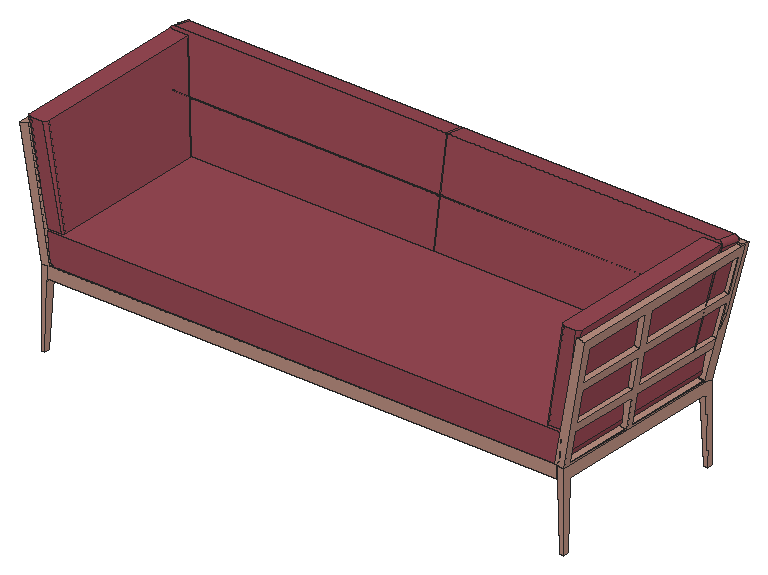
Revit family "Haworth_Janus_Slant_ThreeSeatSofa", category Furniture, Revit 2018
Family settings
  OmniClass Number = 23.40.20.00
  OmniClass Title = General Furniture and Specialties
  Work Plane-Based = No
  Always vertical = Yes
  Cut with Voids When Loaded = No
  Shared = No
  Room Calculation Point = No
Parameters (values of type "HCJC-SL-L3")
  With Seat Cushion = yes
  Width = "85.5 in."  # constant formula
  Warranty = "https://www.haworth.com/resources/product-info/warranties"
  URL - Product = "https://www.haworth.com/products/seating/outdoor/slant"
  URL = "http://www.haworth.com/our-brands/haworth-collection"
  Trim Finish [instance] = Haworth _ Paint _ Slant _ Mousse
  Size = "Verify Final Dim. w/ Haworth"  # constant formula
  Seat Bottom Finish [instance] = Haworth _ Fabric _ Tellure _ Tomato 3A-43
  Revision = "2"  # constant formula
  Model = "HCJC-SL-L3"
  Manufacturer = "Haworth"  # constant formula
  Frame = yes
  Depth = "31 in."  # constant formula
  Height = "30.25 in."  # constant formula
  Description = "Haworth - Janus - Slant - Three Seat Sofa"
  Cushion = yes
  Back Finish [instance] = Haworth _ Fabric _ Tellure _ Tomato 3A-43
  Author = "Haworth (Abd Rahman)"  # constant formula
  Assembly Code = "E2020200"
Reference planes (in)
  plane 1 "Center Front/Back": y = 0
  plane 2: z = 0
  plane 3 "Center Left/Right": x = 0
Nested families (in)
  nested 1: "Haworth_Janus_Slant_ Seat-Cushion_PART" at (-19.48621, 2.19832, -1.75), visible <- "With Seat Cushion", Cushion Finish <- "Seat Bottom Finish", type "HCJC-SL-CSSA-S - Cushion"
    with Cushion Finish Haworth _ Fabric _ Tellure _ Tomato 3A-43
  nested 2: "Haworth_Janus_Slant_Cushion_Back_PART" at (0.21571, -9.02475, -2.33203), Cushion Finish <- "Back Finish", visible <- "Cushion", type "HCJC-SL-CBSA-S - BackSide - Cushion"
    with Cushion Finish Haworth _ Fabric _ Tellure _ Tomato 3A-43
  nested 3: "Haworth_Janus_Slant_ThreeSeatSofa_Frame_PART" at (0, 0.85599, 0), Frame Finish <- "Trim Finish", visible <- "Frame", type "HCJC-SL-L3 - FRAME"
    with Frame Finish Haworth _ Paint _ Slant _ Mousse
Definition of nested family "Haworth_Janus_Slant_ Seat-Cushion_PART"
  Parameters (values of type "HCJC-SL-CSL3-S - Cushion")
    Warranty = "https://www.haworth.com/resources/product-info/warranties"
    URL - Product = "https://www.haworth.com/products/tables/outdoor/slant"
    Model = "HCJC-SL-CSL3-S"  # constant formula
    Description = "Haworth_Slant_Seat-Seating_Cushion"
    URL = "http://www.haworth.com/our-brands/haworth-collection"
    Size = "Verify Final Dim. w/ Haworth"  # constant formula
    Revision Number = "1"  # constant formula
    Manufacturer = "Haworth"  # constant formula
    Cushion Width = 6' - 5 69/256"  # constant formula
    Cushion Finish [instance] = none
    Author = "Haworth (Abd Rahman)"  # constant formula
    Assembly Code = "E2020200"
    Actual Depth = 2' - 3 201/256"  # constant formula
  Reference planes (in)
    plane 1 "Center F/B": y = -4.48242
    plane 2: z = 0
    plane 3 "Center L/R": x = 19.75
    plane 4 "Top": z = 27.5
    plane 5 "Seat Top": z = 18.25
    plane 6: x = 58.38477
    plane 7: x = -18.88477
    plane 8: y = 9.41016
    plane 9: y = -18.375
  Forms (in)
    Extrusion 1, solid, material <- "Cushion Finish"
      sketch origin (30.39258, -13.125, 16.78125) x (0, 0, -1) y (-1, 0, 0)
        loop
          line (-1.45984, 49.48038) -> (-1.45984, -28.19522) -> (2.05745, -27.94927)
          arc (2.05745, -27.94927) -> (2.76455, -27.65637) -> (3.05745, -26.94927) r 1
          line (3.05745, -26.94927) -> (3.05745, 48.17725)
          arc (3.05745, 48.17725) -> (2.76455, 48.88436) -> (2.05745, 49.17725) r 1
          line (2.05745, 49.17725) -> (-1.45984, 49.48038)
      from -5.25 to 22.53516
  Lines and regions (in)
    Masking region 1
      outline origin (0, 0, 0) x (1, 0, 0) y (0, 1, 0)
        loop
          line (-18.78467, 9.41016) -> (-18.78467, -18.375) -> (58.34184, -18.375) -> (58.34184, 9.41016) -> (-18.78467, 9.41016)
  Dimensions and locks (in)
    locked: plane 4 "Top" to level at 27.5
    plane 5 "Seat Top" to level = 1' - 6 1/4"
    plane 5 "Seat Top" to plane 2 = 1' - 6 1/4"
    "Cushion Width": plane 7 to plane 6
    equal spacing: plane 7, plane 3 "Center L/R", plane 6
    equal spacing: plane 8, plane 1 "Center F/B", plane 9
    "Actual Depth": plane 8 to plane 9
    aligned and locked: plane 8 to Masking region 1
    aligned and locked: Masking region 1 to plane 9
    aligned and locked: plane 8 to Extrusion 1
    aligned and locked: Extrusion 1 to plane 9
  Automatic sketch dimensions
    Extrusion 1 sketch curve to plane 5 "Seat Top" = 0' - 0.00891"
    Extrusion 1 sketch curve to plane 7 = 0' - 0.10009"
    Extrusion 1 sketch curve to plane 5 "Seat Top" = 0' - 3.5262"  (x2)
    Extrusion 1 sketch curve to plane 6 = 0' - 1.04292"
    Extrusion 1 sketch curve to Extrusion 1 sketch curve = 0' - 1"
    plane 6 to Extrusion 1 sketch curve = 0' - 0.20303"
    plane 7 to Extrusion 1 sketch curve = 0' - 0.20303"
    Masking region 1 sketch curve to plane 9 = 0' - 0"
    Masking region 1 sketch curve to plane 8 = 0' - 0"
    Masking region 1 sketch curve to plane 7 = 0' - 0.10009"
    Masking region 1 sketch curve to plane 6 = 0' - 0.04292"
Definition of nested family "Haworth_Janus_Slant_Cushion_Back_PART"
  Parameters (values of type "HCJC-SL-CBL3-S - BackSide - Cushion")
    Warranty = "https://www.haworth.com/resources/product-info/warranties"
    URL - Product = "https://www.haworth.com/products/seating/outdoor/slant"
    URL = "http://www.haworth.com/our-brands/haworth-collection"
    Size = "Verify Final Dim. w/ Haworth"  # constant formula
    Revision = "1"  # constant formula
    Model = "HCJC-SL-CBL3-S"  # constant formula
    Manufacturer = "Haworth"  # constant formula
    Description = "Haworth_Slant_BackSide_Cushion"
    Cushion Width = 6' - 11 5/8"  # constant formula
    Cushion Finish [instance] = none
    Cushion Depth = 2' - 6"  # constant formula
    Author = "Haworth (Abd Rahman)"  # constant formula
    Assembly Code = "E2020200"
  Reference planes (in)
    plane 1 "Center Front/Back": y = 7.75391
    plane 2: z = 0
    plane 3 "Center Left/Right": x = -0.21571
    plane 4 "Back Cushion 1": through (0, 20.72092, 20.18999) normal (0, 0.9864, -0.1644)
    plane 5 "Back Cushion 2": through (0, 18.95094, 27.31171) normal (0, 0.9864, -0.1644)
    plane 6: z = 33.37562
    plane 7: z = 18.43812
    plane 8: y = 22.8965
    plane 9: y = -7.1035
    plane 10: x = -42.02821
    plane 11: x = 41.59679
  Forms (in)
    Extrusion 1, solid, material <- "Cushion Finish"
      sketch origin (0, 16.80978, -3.27685) x (0, -0.164399, -0.986394) y (-1, 0, 0)
        loop
          line (-37.06217, 0.01784) -> (-37.06217, -41.00496)
          arc (-37.06217, -41.00496) -> (-36.82419, -41.51845) -> (-36.27856, -41.66878) r 0.67297
          line (-36.27856, -41.66878) -> (-22.18729, -39.32023)
          arc (-22.18729, -39.32023) -> (-21.9959, -39.21152) -> (-21.92013, -39.00486) r 0.31972
          line (-21.92013, -39.00486) -> (-21.92013, 0.21571) -> (-36.81217, 0.21571)
          arc (-36.81217, 0.21571) -> (-36.96629, 0.15357) -> (-37.06217, 0.01784) r 0.29429
      from 0 to -2.91671
    Blend 2, solid, material <- "Cushion Finish"
      base sketch origin (-19.17128, 0, 0) x (-1, 0, 0) y (0, -1, 0)
        loop
          line (17.89236, -17.58372) -> (20.3023, -17.58372)
          arc (20.3023, -17.58372) -> (20.47908, -17.51049) -> (20.5523, -17.33372) r 0.25
          line (20.5523, -17.33372) -> (20.5523, 6.51973)
          arc (20.5523, 6.51973) -> (20.47908, 6.69651) -> (20.3023, 6.76973) r 0.25
          line (20.3023, 6.76973) -> (17.89236, 6.76973)
          arc (17.89236, 6.76973) -> (17.71559, 6.69651) -> (17.64236, 6.51973) r 0.25
          line (17.64236, 6.51973) -> (17.64236, -17.33372)
          arc (17.64236, -17.33372) -> (17.71559, -17.51049) -> (17.89236, -17.58372) r 0.25
      top sketch origin (-19.17128, 0, 0) x (-1, 0, 0) y (0, -1, 0)
        loop
          line (20.23215, -19.92284) -> (22.59482, -19.92284)
          arc (22.59482, -19.92284) -> (22.7716, -19.84962) -> (22.84482, -19.67284) r 0.25
          line (22.84482, -19.67284) -> (22.84482, 6.6035)
          arc (22.84482, 6.6035) -> (22.69838, 6.95706) -> (22.34482, 7.1035) r 0.5
          line (22.34482, 7.1035) -> (20.48215, 7.1035)
          arc (20.48215, 7.1035) -> (20.1286, 6.95706) -> (19.98215, 6.6035) r 0.5
          line (19.98215, 6.6035) -> (19.98215, -19.67284)
          arc (19.98215, -19.67284) -> (20.05538, -19.84962) -> (20.23215, -19.92284) r 0.25
      from 18.91335 to 33.37348
    Sweep 3, void
      path origin (0, 16.88122, -2.84821) x (0, -0.164399, -0.986394) y (-1, 0, 0)
        loop
          line (-27.99974, 0.14918) -> (-27.99974, -40.35082)
      profile origin (20.10082, 21.48435, 24.77057) x (0, -0.164399, -0.986394) y (0, 0.986394, -0.164399)
        loop
          arc (-0.07611, -0.102) -> (-0.05703, -0.03782) -> (-0.01191, 0.01166) r 0.14996
          line (-0.01191, 0.01166) -> (-0.14032, 0.01166)
          arc (-0.14032, 0.01166) -> (-0.0952, -0.03782) -> (-0.07611, -0.102) r 0.14996
    Sweep 4, void
      path origin (0.00781, 14.08796, -1.82635) x (0, -0.164399, -0.986394) y (1, 0, 0)
        loop
          line (-27.99974, -0.21571) -> (-27.99974, 40.35194)
      profile origin (20.07593, 18.6911, 25.79242) x (0, 0.164399, 0.986394) y (0, -0.986394, 0.164399)
        loop
          arc (0.07611, -0.09686) -> (0.0952, -0.03268) -> (0.14032, 0.0168) r 0.14996
          line (0.14032, 0.0168) -> (0.01191, 0.0168)
          arc (0.01191, 0.0168) -> (0.05703, -0.03268) -> (0.07611, -0.09686) r 0.14996
    Blend 5, solid, material <- "Cushion Finish"
      base sketch origin (18.73986, 0, 0) x (1, 0, 0) y (0, 1, 0)
        loop
          arc (17.884, 17.58372) -> (17.70722, 17.51049) -> (17.634, 17.33372) r 0.25
          line (17.634, 17.33372) -> (17.634, -6.51973)
          arc (17.634, -6.51973) -> (17.70722, -6.69651) -> (17.884, -6.76973) r 0.25
          line (17.884, -6.76973) -> (20.29394, -6.76973)
          arc (20.29394, -6.76973) -> (20.47071, -6.69651) -> (20.54394, -6.51973) r 0.25
          line (20.54394, -6.51973) -> (20.54394, 17.33372)
          arc (20.54394, 17.33372) -> (20.47071, 17.51049) -> (20.29394, 17.58372) r 0.25
          line (20.29394, 17.58372) -> (17.884, 17.58372)
      top sketch origin (18.73986, 0, 0) x (1, 0, 0) y (0, 1, 0)
        loop
          arc (20.22379, 19.92284) -> (20.04701, 19.84962) -> (19.97379, 19.67284) r 0.25
          line (19.97379, 19.67284) -> (19.97379, -6.6035)
          arc (19.97379, -6.6035) -> (20.12023, -6.95706) -> (20.47379, -7.1035) r 0.5
          line (20.47379, -7.1035) -> (22.33646, -7.1035)
          arc (22.33646, -7.1035) -> (22.69001, -6.95706) -> (22.83646, -6.6035) r 0.5
          line (22.83646, -6.6035) -> (22.83646, 19.67284)
          arc (22.83646, 19.67284) -> (22.76323, 19.84962) -> (22.58646, 19.92284) r 0.25
          line (22.58646, 19.92284) -> (20.22379, 19.92284)
      from 18.91335 to 33.37348
    Extrusion 6, solid, material <- "Cushion Finish"
      sketch origin (-0.43143, 16.80978, -3.27685) x (0, -0.164399, -0.986394) y (-1, 0, 0)
        loop
          arc (-37.06217, -0.01784) -> (-36.96629, -0.15357) -> (-36.81217, -0.21571) r 0.29429
          line (-36.81217, -0.21571) -> (-21.92013, -0.21571) -> (-21.92013, 39.00486)
          arc (-21.92013, 39.00486) -> (-21.9959, 39.21152) -> (-22.18729, 39.32023) r 0.31972
          line (-22.18729, 39.32023) -> (-36.27856, 41.66878)
          arc (-36.27856, 41.66878) -> (-36.82419, 41.51845) -> (-37.06217, 41.00496) r 0.67297
          line (-37.06217, 41.00496) -> (-37.06217, -0.01784)
      from 0 to -2.91671
    Sweep 7, void
      path origin (-40.5625, 16.88122, -2.84821) x (0, -0.164399, -0.986394) y (-1, 0, 0)
        loop
          line (-27.99974, 0.14918) -> (-27.99974, -40.35082)
      profile origin (-20.46168, 21.48435, 24.77057) x (0, -0.164399, -0.986394) y (0, 0.986394, -0.164399)
        loop
          arc (-0.07611, -0.102) -> (-0.05703, -0.03782) -> (-0.01191, 0.01166) r 0.14996
          line (-0.01191, 0.01166) -> (-0.14032, 0.01166)
          arc (-0.14032, 0.01166) -> (-0.0952, -0.03782) -> (-0.07611, -0.102) r 0.14996
    Sweep 8, void
      path origin (-40.57031, 14.08796, -1.82635) x (0, -0.164399, -0.986394) y (1, 0, 0)
        loop
          line (-27.99974, -0.21571) -> (-27.99974, 40.35194)
      profile origin (-20.5022, 18.6911, 25.79242) x (0, 0.164399, 0.986394) y (0, -0.986394, 0.164399)
        loop
          arc (0.07611, -0.09686) -> (0.0952, -0.03268) -> (0.14032, 0.0168) r 0.14996
          line (0.14032, 0.0168) -> (0.01191, 0.0168)
          arc (0.01191, 0.0168) -> (0.05703, -0.03268) -> (0.07611, -0.09686) r 0.14996
  Cuts and joins
    Sweep 3, Sweep 4, Sweep 7, Sweep 8 cuts Extrusion 1
    Sweep 4, Sweep 7, Sweep 8 cuts Extrusion 6
    Sweep 8 cuts Blend 5
  Lines and regions (in)
    Masking region 1
      outline origin (0, 0, 0) x (1, 0, 0) y (0, 1, 0)
        loop
          line (-42.02821, 22.8965) -> (-42.02821, 20.0303) -> (41.59679, 20.0303) -> (41.59679, 22.8965) -> (-42.02821, 22.8965)
    Masking region 2
      outline origin (0, 0, 0) x (1, 0, 0) y (0, 1, 0)
        loop
          arc (41.08116, -7.1035) -> (41.43471, -6.95706) -> (41.58116, -6.6035) r 0.5
          line (41.58116, -6.6035) -> (41.58116, 19.67284)
          arc (41.58116, 19.67284) -> (41.50794, 19.84962) -> (41.33116, 19.92284) r 0.25
          line (41.33116, 19.92284) -> (38.96849, 19.92284)
          arc (38.96849, 19.92284) -> (38.79171, 19.84962) -> (38.71849, 19.67284) r 0.25
          line (38.71849, 19.67284) -> (38.71849, -6.6035)
          arc (38.71849, -6.6035) -> (38.86494, -6.95706) -> (39.21849, -7.1035) r 0.5
          line (39.21849, -7.1035) -> (41.08116, -7.1035)
        loop
          line (-41.51723, -7.1035) -> (-39.65456, -7.1035)
          arc (-39.65456, -7.1035) -> (-39.30101, -6.95706) -> (-39.15456, -6.6035) r 0.5
          line (-39.15456, -6.6035) -> (-39.15456, 19.67284)
          arc (-39.15456, 19.67284) -> (-39.22778, 19.84962) -> (-39.40456, 19.92284) r 0.25
          line (-39.40456, 19.92284) -> (-41.76723, 19.92284)
          arc (-41.76723, 19.92284) -> (-41.94401, 19.84962) -> (-42.01723, 19.67284) r 0.25
          line (-42.01723, 19.67284) -> (-42.01723, -6.6035)
          arc (-42.01723, -6.6035) -> (-41.87078, -6.95706) -> (-41.51723, -7.1035) r 0.5
    Masking region 3
      outline origin (0, 0, 0) x (1, 0, 0) y (0, 1, 0)
        loop
          arc (-39.15344, -6.59783) -> (-39.27903, -6.92907) -> (-39.59174, -7.09508) r 0.50129
          line (-39.59174, -7.09508) -> (-37.08043, -6.77415)
          arc (-37.08043, -6.77415) -> (-36.89179, -6.69602) -> (-36.81365, -6.50738) r 0.26678
          line (-36.81365, -6.50738) -> (-36.81365, 17.33372)
          arc (-36.81365, 17.33372) -> (-36.83088, 17.41496) -> (-36.87961, 17.4822) r 0.2001
          line (-36.87961, 17.4822) -> (-39.15344, 19.75603) -> (-39.15344, -6.59783)
        loop
          line (38.71364, -6.59783) -> (38.71364, 19.75603) -> (36.43982, 17.4822)
          arc (36.43982, 17.4822) -> (36.39108, 17.41496) -> (36.37385, 17.33372) r 0.2001
          line (36.37385, 17.33372) -> (36.37385, -6.50738)
          arc (36.37385, -6.50738) -> (36.45199, -6.69602) -> (36.64063, -6.77415) r 0.26678
          line (36.64063, -6.77415) -> (39.15195, -7.09508)
          arc (39.15195, -7.09508) -> (38.83923, -6.92907) -> (38.71364, -6.59783) r 0.50129
    Masking region 4
      outline origin (0, 0, 0) x (1, 0, 0) y (0, 1, 0)
        loop
          line (-42.02821, 20.0303) -> (-42.02821, 19.78684) -> (-42.00068, 19.7593)
          arc (-42.00068, 19.7593) -> (-41.90909, 19.87792) -> (-41.76611, 19.92284) r 0.25
          line (-41.76611, 19.92284) -> (-39.40344, 19.92284)
          arc (-39.40344, 19.92284) -> (-39.26995, 19.88423) -> (-39.17771, 19.7803) r 0.25
          line (-39.17771, 19.7803) -> (-36.87961, 17.4822) -> (36.41945, 17.4822) -> (38.78687, 19.84962)
          arc (38.78687, 19.84962) -> (38.86797, 19.90381) -> (38.96364, 19.92284) r 0.25
          line (38.96364, 19.92284) -> (41.32631, 19.92284)
          arc (41.32631, 19.92284) -> (41.47874, 19.87453) -> (41.59679, 19.76666) r 0.3718
          line (41.59679, 19.76666) -> (41.59679, 20.0303) -> (-42.02821, 20.0303)
  Dimensions and locks (in)
    plane 6 to plane 7 = 1' - 2 15/16"
    "Cushion Depth": plane 8 to plane 9
    "Cushion Width": plane 10 to plane 11
    equal spacing: plane 10, plane 3 "Center Left/Right", plane 11
    aligned and locked: Extrusion 1 to plane 5 "Back Cushion 2"
    aligned and locked: Masking region 1 sketch curve to plane 8
    aligned and locked: Masking region 1 sketch curve to plane 10
    aligned and locked: plane 11 to Masking region 1 sketch curve
  Automatic sketch dimensions
    Extrusion 1 sketch curve to plane 3 "Center Left/Right" = 0' - 0"
    plane 3 "Center Left/Right" to Extrusion 1 sketch curve = 0' - 0.19787"
    Extrusion 1 sketch curve to Extrusion 1 sketch curve = 0' - 0 1/4"
    plane 3 "Center Left/Right" to Extrusion 1 sketch curve = 0' - 0.2929"
    Extrusion 1 sketch curve to Extrusion 1 sketch curve = 0' - 0.67297"
    Extrusion 1 sketch curve to plane 11 = 0' - 0.07199"
    Extrusion 1 sketch curve to Extrusion 1 sketch curve = 0' - 0.11064"
    plane 11 to Extrusion 1 sketch curve = 0' - 2.59193"
    Extrusion 1 sketch curve to Extrusion 1 sketch curve = 1' - 2.03871"
    plane 11 to Extrusion 1 sketch curve = 0' - 2.27655"
    Extrusion 1 sketch curve to Extrusion 1 sketch curve = 0' - 0.05256"
    Blend 2 sketch curve to plane 9 = 0' - 0.58377"
    plane 10 to Blend 2 sketch curve = 0' - 5.21457"
    Blend 2 sketch curve to plane 9 = 0' - 0.33377"
    Blend 2 sketch curve to Blend 2 sketch curve = 0' - 0 1/4"  (x3)
    Blend 2 sketch curve to Blend 2 sketch curve = 0' - 2.40994"  (x2)
    plane 8 to Blend 2 sketch curve = 0' - 5.56278"
    Blend 2 sketch curve to plane 9 = 0' - 0"
    Blend 2 sketch curve to plane 9 = 0' - 0 1/2"
    plane 10 to Blend 2 sketch curve = 0' - 2.87478"
    plane 10 to Blend 2 sketch curve = 0' - 0.51211"
    plane 10 to Blend 2 sketch curve = 0' - 0.26211"
    plane 10 to Blend 2 sketch curve = 0' - 0.01211"
    plane 8 to Blend 2 sketch curve = 0' - 3.22365"
    plane 11 to Sweep 3 sketch curve = 0' - 1.24596"
    plane 3 "Center Left/Right" to Sweep 3 sketch curve = 0' - 0.06654"
    profile plane to Sweep 3 sketch curve = 0' - 0.22577"
    plane 4 "Back Cushion 1" to Sweep 3 sketch curve = 0' - 0.01166"
    profile plane to Sweep 3 sketch curve = 0' - 0.14032"
    profile plane to Sweep 3 sketch curve = 0' - 0.01191"
    Sweep 3 sketch curve to profile plane = 0' - 0.07354"
    Sweep 3 sketch curve to plane 4 "Back Cushion 1" = 0' - 0.11158"  (x2)
    plane 3 "Center Left/Right" to Sweep 4 sketch curve = 0' - 0 1/128"
    plane 11 to Sweep 4 sketch curve = 0' - 1.23703"
    profile plane to Sweep 4 sketch curve = 0' - 0.07354"
    Sweep 4 sketch curve to profile plane = 0' - 0.01191"
    profile plane to Sweep 4 sketch curve = 0' - 0.0168"
    Sweep 4 sketch curve to Sweep 4 sketch curve = 0' - 0.12842"
    Sweep 4 sketch curve to Sweep 4 sketch curve = 0' - 0.08545"
    Sweep 4 sketch curve to profile plane = 0' - 0.10644"  (x2)
    Masking region 1 sketch curve to Masking region 1 sketch curve = 0' - 2.8662"
    Masking region 2 sketch curve to plane 9 = 0' - 0"  (x2)
    Masking region 2 sketch curve to plane 10 = 0' - 0.01098"
    Masking region 2 sketch curve to Masking region 2 sketch curve = 0' - 0 1/4"  (x3)
    Masking region 2 sketch curve to plane 10 = 0' - 0.51098"
    plane 9 to Masking region 2 sketch curve = 0' - 0 1/2"
    Masking region 2 sketch curve to Masking region 2 sketch curve = 0' - 1.86267"
    plane 11 to Masking region 2 sketch curve = 0' - 2.87829"
    Masking region 2 sketch curve to Masking region 2 sketch curve = 0' - 0 1/2"
    plane 11 to Masking region 2 sketch curve = 0' - 0 33/64"
    plane 11 to Masking region 2 sketch curve = 0' - 0 17/64"
    plane 11 to Masking region 2 sketch curve = 0' - 0 1/64"
    Masking region 2 sketch curve to plane 8 = 0' - 3.22365"  (x2)
    plane 9 to Masking region 3 sketch curve = 0' - 0.50567"
    Masking region 3 sketch curve to plane 10 = 0' - 2.37293"
    plane 9 to Masking region 3 sketch curve = 0' - 0.00842"  (x2)
    Masking region 3 sketch curve to Masking region 3 sketch curve = 0' - 0.06354"  (x2)
    Masking region 3 sketch curve to plane 10 = 0' - 2.87478"
    Masking region 3 sketch curve to Masking region 3 sketch curve = 0' - 2.07301"
    Masking region 3 sketch curve to Masking region 3 sketch curve = 0' - 2.13969"
    Masking region 3 sketch curve to Masking region 3 sketch curve = 0' - 0.13414"
    Masking region 3 sketch curve to Masking region 3 sketch curve = 0' - 0.26678"  (x2)
    plane 9 to Masking region 3 sketch curve = 0' - 0.59613"
    plane 11 to Masking region 3 sketch curve = 0' - 5.22293"
    Masking region 3 sketch curve to Masking region 3 sketch curve = 0' - 0.06596"
    Masking region 3 sketch curve to Masking region 3 sketch curve = 0' - 0.2001"
    plane 11 to Masking region 3 sketch curve = 0' - 2.88314"
    Masking region 3 sketch curve to Masking region 3 sketch curve = 0' - 0.4383"
    plane 9 to Masking region 3 sketch curve = 0' - 0.32935"
    Masking region 3 sketch curve to Masking region 3 sketch curve = 0' - 0.49724"
    Masking region 3 sketch curve to plane 8 = 0' - 5.56278"  (x2)
    Masking region 3 sketch curve to plane 8 = 0' - 3.14047"  (x2)
    Masking region 3 sketch curve to Masking region 3 sketch curve = 0' - 0"  (x2)
    Masking region 4 sketch curve to plane 10 = 0' - 0"
    Masking region 4 sketch curve to plane 11 = 0' - 0"
    Masking region 4 sketch curve to plane 10 = 0' - 0.02753"
    Masking region 4 sketch curve to plane 10 = 0' - 0.26211"
    Masking region 4 sketch curve to Masking region 4 sketch curve = 0' - 2.36267"
    Masking region 4 sketch curve to Masking region 4 sketch curve = 0' - 0.22573"
    Masking region 4 sketch curve to Masking region 4 sketch curve = 0' - 2.2981"
    plane 11 to Masking region 4 sketch curve = 0' - 5.17734"
    plane 11 to Masking region 4 sketch curve = 0' - 2.80992"
    Masking region 4 sketch curve to Masking region 4 sketch curve = 0' - 0.17678"
    plane 11 to Masking region 4 sketch curve = 0' - 0.30397"
    plane 11 to Masking region 4 sketch curve = 0' - 0.27047"
    Masking region 4 sketch curve to plane 8 = 0' - 5.4143"
    Masking region 4 sketch curve to plane 8 = 0' - 3.34395"
    Masking region 4 sketch curve to plane 8 = 0' - 3.22365"
    Masking region 4 sketch curve to Masking region 4 sketch curve = 0' - 0"
    Masking region 4 sketch curve to Masking region 4 sketch curve = 0' - 0.12029"
    Masking region 4 sketch curve to Masking region 4 sketch curve = 0' - 0.08646"
    Masking region 4 sketch curve to Masking region 4 sketch curve = 0' - 0.21411"
    Masking region 4 sketch curve to Masking region 4 sketch curve = 0' - 0.02753"
    Masking region 4 sketch curve to Masking region 4 sketch curve = 0' - 0.24346"
    plane 9 to Blend 5 sketch curve = 0' - 0.58377"
    plane 11 to Blend 5 sketch curve = 0' - 5.22293"
    plane 9 to Blend 5 sketch curve = 0' - 0.33377"
    Blend 5 sketch curve to Blend 5 sketch curve = 0' - 0 1/4"  (x3)
    Blend 5 sketch curve to Blend 5 sketch curve = 0' - 2.40994"  (x2)
    Blend 5 sketch curve to plane 8 = 0' - 5.56278"
    Blend 5 sketch curve to plane 9 = 0' - 0"
    plane 9 to Blend 5 sketch curve = 0' - 0 1/2"
    plane 11 to Blend 5 sketch curve = 0' - 2.88314"
    plane 11 to Blend 5 sketch curve = 0' - 0.52047"
    plane 11 to Blend 5 sketch curve = 0' - 0.27047"
    plane 11 to Blend 5 sketch curve = 0' - 0.02047"
    Blend 5 sketch curve to plane 8 = 0' - 3.22365"
    Extrusion 6 sketch curve to plane 3 "Center Left/Right" = 0' - 0"
    plane 3 "Center Left/Right" to Extrusion 6 sketch curve = 0' - 0.19787"
    Extrusion 6 sketch curve to Extrusion 6 sketch curve = 0' - 0 1/4"
    plane 3 "Center Left/Right" to Extrusion 6 sketch curve = 0' - 0.2929"
    Extrusion 6 sketch curve to Extrusion 6 sketch curve = 0' - 0.67297"
    Extrusion 6 sketch curve to plane 10 = 0' - 0.07199"
    Extrusion 6 sketch curve to Extrusion 6 sketch curve = 0' - 0.11064"
    plane 10 to Extrusion 6 sketch curve = 0' - 2.59193"
    Extrusion 6 sketch curve to Extrusion 6 sketch curve = 1' - 2.03871"
    plane 10 to Extrusion 6 sketch curve = 0' - 2.27655"
    Extrusion 6 sketch curve to Extrusion 6 sketch curve = 0' - 0.05256"
    plane 3 "Center Left/Right" to Sweep 7 sketch curve = 0' - 0.00404"
    Sweep 7 sketch curve to plane 10 = 0' - 1.31654"
    profile plane to Sweep 7 sketch curve = 0' - 0.22577"
    plane 4 "Back Cushion 1" to Sweep 7 sketch curve = 0' - 0.01166"
    profile plane to Sweep 7 sketch curve = 0' - 0.14032"
    profile plane to Sweep 7 sketch curve = 0' - 0.01191"
    Sweep 7 sketch curve to profile plane = 0' - 0.07354"
    Sweep 7 sketch curve to plane 4 "Back Cushion 1" = 0' - 0.11158"  (x2)
    Sweep 8 sketch curve to plane 3 "Center Left/Right" = 0' - 0.00265"
    Sweep 8 sketch curve to plane 10 = 0' - 1 31/128"
    profile plane to Sweep 8 sketch curve = 0' - 0.07354"
    Sweep 8 sketch curve to profile plane = 0' - 0.01191"
    profile plane to Sweep 8 sketch curve = 0' - 0.0168"
    Sweep 8 sketch curve to Sweep 8 sketch curve = 0' - 0.12842"
    Sweep 8 sketch curve to Sweep 8 sketch curve = 0' - 0.08545"
    Sweep 8 sketch curve to profile plane = 0' - 0.10644"  (x2)
Definition of nested family "Haworth_Janus_Slant_ThreeSeatSofa_Frame_PART"
  Parameters (values of type "HCJC-SL-L3 - FRAME")
    Warranty = "https://www.haworth.com/resources/product-info/warranties"
    URL - Product = "https://www.haworth.com/products/seating/outdoor/slant"
    URL = "http://www.haworth.com/our-brands/haworth-collection"
    Size = "Verify Final Dim. w/ Haworth"  # constant formula
    Revision = "2"  # constant formula
    Model = "HCJC-SL-L3"
    Manufacturer = "Haworth"  # constant formula
    Frame Finish [instance] = none
    Description = "Haworth Slant Chair - Three Seat Sofa - Frame"
    Author = "Haworth (Abd Rahman)"  # constant formula
    Assembly Code = "E2020200"
    Actual Width = 7' - 1 1/2"  # constant formula
    Actual Height = 2' - 6 1/4"  # constant formula
    Actual Depth = 2' - 7"  # constant formula
  Reference planes (in)
    plane 1 "Center Front/Back": y = -1.6405
    plane 2: z = 0
    plane 3 "Center Left/Right": x = 0
    plane 4 "Back Seat": through (0, 13.8017, 29.67358) normal (0, -0.9864, 0.1644)
    plane 5 "Front Seat": through (0, 12.7842, 31.06881) normal (0, -0.9864, 0.1644)
    plane 6 "Bottom Arm": z = 11.95581
    plane 7 "Right Arm 1": through (13.67834, -180, 27.84367) normal (-0.9848, 0, 0.1736)
    plane 8 "Bottom Seat": z = 10.06727
    plane 9 "Front Arm": y = -17.1405
    plane 10: through (10.17411, -180, 13.96966) normal (-0.9848, 0, 0.1736)
    plane 11: z = 30.25
    plane 12: x = 42.73017
    plane 13: x = -42.76983
    plane 14: y = 13.8595
  Forms (in)
    Extrusion 1, solid, material <- "Frame Finish"
      sketch origin (28.46878, 8.6172, -1.43232) x (0, 0.164405, 0.986393) y (-1, 0, 0)
        loop
          line (31.88827, -14.18002) -> (31.88827, 71.13578) -> (13.23205, 68.05061) -> (13.23205, -11.09485) -> (31.88827, -14.18002)
        loop
          line (30.59682, -12.3584) -> (30.59682, 2.17733) -> (25.68256, 2.17733) -> (25.68256, -11.6327)
          arc (25.68256, -11.6327) -> (25.74199, -11.79451) -> (25.89201, -11.87939) r 0.25
          line (25.89201, -11.87939) -> (30.30627, -12.60509)
          arc (30.30627, -12.60509) -> (30.50863, -12.54898) -> (30.59682, -12.3584) r 0.25
        loop
          line (24.61609, -11.41758) -> (24.61609, 2.17733) -> (19.668, 2.17733) -> (19.668, -10.85414) -> (24.32781, -11.62473)
          arc (24.32781, -11.62473) -> (24.52507, -11.59507) -> (24.61609, -11.41758) r 0.21856
        loop
          line (18.56747, 2.21733) -> (13.64818, 2.21733) -> (13.64818, -9.63833)
          arc (13.64818, -9.63833) -> (13.65515, -9.70168) -> (13.67574, -9.762) r 0.29119
          line (13.67574, -9.762) -> (18.56747, -10.57094) -> (18.56747, 2.21733)
        loop
          arc (30.59682, 69.33903) -> (30.50863, 69.5296) -> (30.30627, 69.58571) r 0.25
          line (30.30627, 69.58571) -> (25.89051, 68.85977)
          arc (25.89051, 68.85977) -> (25.74048, 68.77488) -> (25.68106, 68.61308) r 0.25
          line (25.68106, 68.61308) -> (25.68106, 54.80169) -> (30.59682, 54.80169) -> (30.59682, 69.33903)
        loop
          arc (24.54085, 68.33682) -> (24.43167, 68.52604) -> (24.2132, 68.52621) r 0.21856
          line (24.2132, 68.52621) -> (19.62593, 67.80746) -> (19.62593, 54.80169) -> (24.54085, 54.80169) -> (24.54085, 68.33682)
        loop
          line (18.56747, 54.76169) -> (18.56747, 67.56848) -> (14.18113, 66.80573)
          arc (14.18113, 66.80573) -> (13.80943, 66.71095) -> (13.64591, 66.36395) r 0.44993
          line (13.64591, 66.36395) -> (13.64591, 54.76169) -> (18.56747, 54.76169)
        loop
          line (30.5969, 3.35843) -> (30.59619, 15.08521) -> (25.68131, 15.08521) -> (25.68201, 3.35843) -> (30.5969, 3.35843)
        loop
          line (24.58297, 3.35843) -> (24.58226, 15.08521) -> (19.66738, 15.08521) -> (19.66808, 3.35843) -> (24.58297, 3.35843)
        loop
          line (18.56754, 3.35843) -> (18.56684, 15.08521) -> (13.64744, 15.08521) -> (13.64814, 3.35843) -> (18.56754, 3.35843)
        loop
          line (18.56629, 16.21016) -> (18.56558, 27.93694) -> (13.64674, 27.93694) -> (13.64744, 16.21016) -> (18.56629, 16.21016)
        loop
          line (24.58227, 16.21016) -> (24.58157, 27.93694) -> (19.66668, 27.93694) -> (19.66738, 16.21016) -> (24.58227, 16.21016)
        loop
          line (30.5969, 16.21016) -> (30.59619, 27.93694) -> (25.68131, 27.93694) -> (25.68201, 16.21016) -> (30.5969, 16.21016)
        loop
          line (30.59656, 41.90097) -> (30.59619, 53.6621) -> (25.68131, 53.6621) -> (25.68168, 41.90097) -> (30.59656, 41.90097)
        loop
          line (24.54131, 41.90097) -> (24.54094, 53.6621) -> (19.62605, 53.6621) -> (19.62642, 41.90097) -> (24.54131, 41.90097)
        loop
          line (18.52533, 41.90097) -> (18.52496, 53.6621) -> (13.64604, 53.6621) -> (13.64641, 41.90097) -> (18.52533, 41.90097)
        loop
          line (30.59656, 29.02597) -> (30.59619, 40.7871) -> (25.68131, 40.7871) -> (25.68168, 29.02597) -> (30.59656, 29.02597)
        loop
          line (24.54131, 29.02597) -> (24.54094, 40.7871) -> (19.62605, 40.7871) -> (19.62642, 29.02597) -> (24.54131, 29.02597)
        loop
          line (18.52533, 29.02597) -> (18.52496, 40.7871) -> (13.64604, 40.7871) -> (13.64641, 29.02597) -> (18.52533, 29.02597)
      from 0 to 1.23305
    Extrusion 2, solid, material <- "Frame Finish"
      sketch origin (0, 0, 10.06727) x (-1, 0, 0) y (0, -1, 0)
        loop
          line (38.49868, 17.1405) -> (-38.41214, 17.1405) -> (-38.41214, -10.88031) -> (38.49868, -10.88031) -> (38.49868, 17.1405)
        loop
          line (-37.35647, 15.9988) -> (-37.35647, -9.76014) -> (-1.18, -9.76014) -> (-1.18, 15.9988) -> (-37.35647, 15.9988)
        loop
          line (1.18, -9.76014) -> (37.39614, -9.76014) -> (37.39614, 15.9988) -> (1.18, 15.9988) -> (1.18, -9.76014)
      from 0 to 1.88854
    Extrusion 3, solid, material <- "Frame Finish"
      sketch origin (-16.29687, 0, 0) x (0, 1, 0) y (0, 0, -1)
        loop
          line (-17.1005, -11.95581) -> (10.87978, -11.95581) -> (10.88641, 0) -> (10.10756, 0) -> (9.66704, -9.78713)
          arc (9.66704, -9.78713) -> (9.55846, -9.98743) -> (9.34506, -10.06727) r 0.3251
          line (9.34506, -10.06727) -> (-15.66433, -10.06727)
          arc (-15.66433, -10.06727) -> (-15.83846, -9.97151) -> (-15.91257, -9.78713) r 0.29549
          line (-15.91257, -9.78713) -> (-16.3531, 0) -> (-17.1005, 0) -> (-17.1005, -11.95581)
      from 22.18198 to 23.25396
    Extrusion 4, solid, material <- "Frame Finish"
      sketch origin (-36.75434, 0, -3.20457) x (0.173648, 0, -0.984808) y (0, 1, 0)
        loop
          line (-33.71058, 13.10218) -> (-33.71058, -17.1405) -> (-15.22266, -17.1405) -> (-15.22266, 10.06254) -> (-33.71058, 13.10218)
        loop
          line (-21.21017, -15.9588) -> (-21.21017, -5.28895) -> (-26.07414, -5.28895) -> (-26.07414, -15.7088)
          arc (-26.07414, -15.7088) -> (-25.98227, -15.88717) -> (-25.79485, -15.9588) r 0.28101
          line (-25.79485, -15.9588) -> (-21.21017, -15.9588)
        loop
          line (-20.01936, -15.9588) -> (-15.62225, -15.9588)
          arc (-15.62225, -15.9588) -> (-15.44672, -15.88396) -> (-15.35591, -15.71613) r 0.28946
          line (-15.35591, -15.71613) -> (-15.35591, -5.28895) -> (-20.01936, -5.28895) -> (-20.01936, -15.9588)
        loop
          line (-15.35591, -4.23252) -> (-15.35591, 9.51747)
          arc (-15.35591, 9.51747) -> (-15.44672, 9.6853) -> (-15.62225, 9.76014) r 0.28946
          line (-15.62225, 9.76014) -> (-20.01936, 10.4897) -> (-20.01936, -4.23252) -> (-15.35591, -4.23252)
        loop
          line (-26.03238, -4.23252) -> (-21.21017, -4.23252) -> (-21.21017, 10.68549) -> (-25.75309, 11.44638)
          arc (-25.75309, 11.44638) -> (-25.94051, 11.37475) -> (-26.03238, 11.19638) r 0.28101
          line (-26.03238, 11.19638) -> (-26.03238, -4.23252)
        loop
          line (-27.22077, -16.04601) -> (-27.22077, -5.28895) -> (-32.31591, -5.28895) -> (-32.31591, -15.7088)
          arc (-32.31591, -15.7088) -> (-32.17514, -15.95062) -> (-31.9121, -16.04601) r 0.41038
          line (-31.9121, -16.04601) -> (-27.22077, -16.04601)
        loop
          line (-32.31591, -4.23252) -> (-27.22077, -4.23252) -> (-27.22077, 11.6922) -> (-32.04674, 12.44752)
          arc (-32.04674, 12.44752) -> (-32.23707, 12.36868) -> (-32.31591, 12.17835) r 0.26917
          line (-32.31591, 12.17835) -> (-32.31591, -4.23252)
      from -0.09632 to 1.16946
    Extrusion 5, solid, material <- "Frame Finish"
      sketch origin (16.25, 0, 0) x (0, 1, 0) y (0, 0, 1)
        loop
          line (-17.1005, 11.95581) -> (-17.1005, 0) -> (-16.3531, 0) -> (-15.91257, 9.78713)
          arc (-15.91257, 9.78713) -> (-15.83846, 9.97151) -> (-15.66433, 10.06727) r 0.29549
          line (-15.66433, 10.06727) -> (9.34506, 10.06727)
          arc (9.34506, 10.06727) -> (9.55846, 9.98743) -> (9.66704, 9.78713) r 0.3251
          line (9.66704, 9.78713) -> (10.10756, 0) -> (10.88641, 0) -> (10.87978, 11.95581) -> (-17.1005, 11.95581)
      from 22.18198 to 23.25396
    Extrusion 6, void
      sketch origin (0, -11, 0) x (1, 0, 0) y (0, 0, 1)
        loop
          line (38.91353, 0) -> (38.6157, 9.78489)
          arc (38.6157, 9.78489) -> (38.55577, 9.93921) -> (38.41214, 10.02152) r 0.24821
          line (38.41214, 10.02152) -> (38.41214, 0) -> (38.91353, 0)
      from -22.17183 to 6.62086
    Extrusion 7, void
      sketch origin (0, -11, 0) x (-1, 0, 0) y (0, 0, -1)
        loop
          line (38.9532, 0) -> (38.45181, 0) -> (38.45181, -10.02152)
          arc (38.45181, -10.02152) -> (38.59544, -9.93921) -> (38.65537, -9.78489) r 0.24821
          line (38.65537, -9.78489) -> (38.9532, 0)
      from -22.17183 to 6.62086
    Extrusion 8, solid, material <- "Frame Finish"
      sketch origin (36.75434, 0, -3.20457) x (-0.173648, 0, -0.984808) y (0, -1, 0)
        loop
          line (-33.71058, -13.10218) -> (-15.22266, -10.06254) -> (-15.22266, 17.1405) -> (-33.71058, 17.1405) -> (-33.71058, -13.10218)
        loop
          line (-21.21017, 15.9588) -> (-25.79485, 15.9588)
          arc (-25.79485, 15.9588) -> (-25.98227, 15.88717) -> (-26.07414, 15.7088) r 0.28101
          line (-26.07414, 15.7088) -> (-26.07414, 5.28895) -> (-21.21017, 5.28895) -> (-21.21017, 15.9588)
        loop
          line (-20.01936, 15.9588) -> (-20.01936, 5.28895) -> (-15.35591, 5.28895) -> (-15.35591, 15.71613)
          arc (-15.35591, 15.71613) -> (-15.44672, 15.88396) -> (-15.62225, 15.9588) r 0.28946
          line (-15.62225, 15.9588) -> (-20.01936, 15.9588)
        loop
          line (-15.35591, 4.23252) -> (-20.01936, 4.23252) -> (-20.01936, -10.4897) -> (-15.62225, -9.76014)
          arc (-15.62225, -9.76014) -> (-15.44672, -9.6853) -> (-15.35591, -9.51747) r 0.28946
          line (-15.35591, -9.51747) -> (-15.35591, 4.23252)
        loop
          line (-26.03238, 4.23252) -> (-26.03238, -11.19638)
          arc (-26.03238, -11.19638) -> (-25.94051, -11.37475) -> (-25.75309, -11.44638) r 0.28101
          line (-25.75309, -11.44638) -> (-21.21017, -10.68549) -> (-21.21017, 4.23252) -> (-26.03238, 4.23252)
        loop
          line (-27.22077, 16.04601) -> (-31.9121, 16.04601)
          arc (-31.9121, 16.04601) -> (-32.17514, 15.95062) -> (-32.31591, 15.7088) r 0.41038
          line (-32.31591, 15.7088) -> (-32.31591, 5.28895) -> (-27.22077, 5.28895) -> (-27.22077, 16.04601)
        loop
          line (-32.31591, 4.23252) -> (-32.31591, -12.17835)
          arc (-32.31591, -12.17835) -> (-32.23707, -12.36868) -> (-32.04674, -12.44752) r 0.26917
          line (-32.04674, -12.44752) -> (-27.22077, -11.6922) -> (-27.22077, 4.23252) -> (-32.31591, 4.23252)
      from -0.09632 to 1.16946
  Cuts and joins
    Extrusion 7 cuts Extrusion 3
    Extrusion 6, Extrusion 7 cuts Extrusion 5
    joined: Extrusion 2, Extrusion 3, Extrusion 4, Extrusion 5
  Lines and regions (in)
    Masking region 1
      outline origin (0, 0, 28.87474) x (-1, 0, 0) y (0, -1, 0)
        loop
          line (42.76983, -13.88951) -> (42.76983, -12.748) -> (42.72282, -12.748) -> (42.72282, 17.1405) -> (41.47627, 17.1405) -> (41.47627, -12.748) -> (-41.70055, -12.748) -> (-41.70055, 17.1405) -> (-42.68315, 17.1405) -> (-42.68315, -12.748) -> (-42.73017, -12.748) -> (-42.73017, -13.88951) -> (42.76983, -13.88951)
  Dimensions and locks (in)
    "Actual Height": plane 11 to plane 2
    "Actual Width": plane 13 to plane 12
    "Actual Depth": plane 14 to plane 9 "Front Arm"
    equal spacing: plane 14, plane 1 "Center Front/Back", plane 9 "Front Arm"
    aligned and locked: plane 5 "Front Seat" to Extrusion 1
    aligned and locked: plane 6 "Bottom Arm" to Extrusion 2
    aligned and locked: Extrusion 2 to plane 8 "Bottom Seat"
  Automatic sketch dimensions
    Extrusion 2 sketch curve to plane 9 "Front Arm" = 0' - 0"
    plane 12 to Extrusion 2 sketch curve = 0' - 4.31802"
    Extrusion 2 sketch curve to Extrusion 2 sketch curve = 0' - 1.05567"
    plane 3 "Center Left/Right" to Extrusion 2 sketch curve = 0' - 1.18"
    Extrusion 2 sketch curve to plane 3 "Center Left/Right" = 0' - 1.18"
    plane 13 to Extrusion 2 sketch curve = 0' - 5.37369"
    Extrusion 2 sketch curve to Extrusion 2 sketch curve = 0' - 1.10254"
    plane 9 "Front Arm" to Extrusion 2 sketch curve = 0' - 1.1417"  (x2)
    Extrusion 2 sketch curve to plane 14 = 0' - 4.09936"  (x2)
    Extrusion 2 sketch curve to Extrusion 2 sketch curve = 0' - 1.12016"
    Extrusion 3 sketch curve to level = 0' - 0"  (x2)
    Extrusion 3 sketch curve to plane 6 "Bottom Arm" = 0' - 0"
    Extrusion 3 sketch curve to plane 8 "Bottom Seat" = 0' - 0"
    plane 9 "Front Arm" to Extrusion 3 sketch curve = 0' - 0.04"
    Extrusion 3 sketch curve to Extrusion 3 sketch curve = 0' - 0.7474"
    Extrusion 3 sketch curve to plane 8 "Bottom Seat" = 0' - 0.28014"  (x2)
    plane 9 "Front Arm" to Extrusion 3 sketch curve = 0' - 1.22793"
    Extrusion 3 sketch curve to Extrusion 3 sketch curve = 0' - 0.24824"
    Extrusion 3 sketch curve to plane 8 "Bottom Seat" = 0' - 0.29173"
    Extrusion 3 sketch curve to plane 14 = 0' - 4.51444"
    Extrusion 3 sketch curve to Extrusion 3 sketch curve = 0' - 0.32197"
    Extrusion 3 sketch curve to plane 14 = 0' - 3.75194"
    Extrusion 3 sketch curve to Extrusion 3 sketch curve = 0' - 1.53472"
    Extrusion 3 sketch curve to Extrusion 3 sketch curve = 0' - 0.77885"
    Masking region 1 sketch curve to plane 12 = 0' - 0"
    Masking region 1 sketch curve to plane 9 "Front Arm" = 0' - 0"  (x2)
    Masking region 1 sketch curve to plane 13 = 0' - 0"
    Masking region 1 sketch curve to Masking region 1 sketch curve = 0' - 0.04702"
    Masking region 1 sketch curve to Masking region 1 sketch curve = 0' - 0.9826"
    plane 13 to Masking region 1 sketch curve = 0' - 1.29357"
    plane 13 to Masking region 1 sketch curve = 0' - 0.04702"
    Masking region 1 sketch curve to plane 14 = 0' - 1.1115"  (x2)
    Masking region 1 sketch curve to Masking region 1 sketch curve = 0' - 0"
    plane 14 to Masking region 1 sketch curve = 0' - 0.03001"
    Extrusion 4 sketch curve to plane 9 "Front Arm" = 0' - 0"
    Extrusion 4 sketch curve to plane 14 = 0' - 0.75732"
    plane 1 "Center Front/Back" to Extrusion 4 sketch curve = 0' - 3 83/128"  (x2)
    Extrusion 4 sketch curve to Extrusion 4 sketch curve = 0' - 1.39468"
    Extrusion 4 sketch curve to Extrusion 4 sketch curve = 0' - 0"  (x6)
    Extrusion 4 sketch curve to Extrusion 4 sketch curve = 0' - 0.26917"
    Extrusion 4 sketch curve to Extrusion 4 sketch curve = 0' - 0.4038"
    Extrusion 4 sketch curve to Extrusion 4 sketch curve = 0' - 5.09514"
    plane 9 "Front Arm" to Extrusion 4 sketch curve = 0' - 1.09449"
    Extrusion 4 sketch curve to Extrusion 4 sketch curve = 0' - 4.69133"
    Extrusion 4 sketch curve to Extrusion 4 sketch curve = 0' - 1.14662"
    Extrusion 4 sketch curve to Extrusion 4 sketch curve = 0' - 1.18839"
    Extrusion 4 sketch curve to Extrusion 4 sketch curve = 0' - 0.27929"  (x2)
    Extrusion 4 sketch curve to plane 14 = 0' - 3.17401"
    Extrusion 4 sketch curve to Extrusion 4 sketch curve = 0' - 4.54292"
    Extrusion 4 sketch curve to Extrusion 4 sketch curve = 0' - 1.19081"
    Extrusion 4 sketch curve to Extrusion 4 sketch curve = 0' - 4.37769"  (x2)
    plane 9 "Front Arm" to Extrusion 4 sketch curve = 0' - 1.47051"
    Extrusion 4 sketch curve to Extrusion 4 sketch curve = 0' - 0.01942"  (x2)
    Extrusion 4 sketch curve to plane 14 = 0' - 4.09936"
    Extrusion 4 sketch curve to Extrusion 4 sketch curve = 0' - 4.66345"
    Extrusion 4 sketch curve to Extrusion 4 sketch curve = 0' - 0.3996"
    plane 9 "Front Arm" to Extrusion 4 sketch curve = 0' - 1.1817"
    Extrusion 4 sketch curve to Extrusion 4 sketch curve = 0' - 0 1/4"
    Extrusion 4 sketch curve to Extrusion 4 sketch curve = 0' - 0.3372"
    Extrusion 4 sketch curve to Extrusion 4 sketch curve = 0' - 1.05643"  (x3)
    Extrusion 4 sketch curve to Extrusion 4 sketch curve = 0' - 0.28881"
    Extrusion 4 sketch curve to Extrusion 4 sketch curve = 0' - 0.3024"
    Extrusion 4 sketch curve to Extrusion 4 sketch curve = 0' - 0.19579"
    Extrusion 4 sketch curve to plane 14 = 0' - 2.69413"
    Extrusion 4 sketch curve to Extrusion 4 sketch curve = 0' - 0.03101"
    Extrusion 4 sketch curve to Extrusion 4 sketch curve = 0' - 0.49582"
    Extrusion 4 sketch curve to Extrusion 4 sketch curve = 0' - 0.92384"
    Extrusion 5 sketch curve to level = 0' - 0"  (x2)
    Extrusion 5 sketch curve to plane 6 "Bottom Arm" = 0' - 0"
    Extrusion 5 sketch curve to plane 8 "Bottom Seat" = 0' - 0"
    plane 9 "Front Arm" to Extrusion 5 sketch curve = 0' - 0.04"
    Extrusion 5 sketch curve to Extrusion 5 sketch curve = 0' - 0.7474"
    Extrusion 5 sketch curve to plane 8 "Bottom Seat" = 0' - 0.28014"  (x2)
    plane 9 "Front Arm" to Extrusion 5 sketch curve = 0' - 1.22793"
    Extrusion 5 sketch curve to Extrusion 5 sketch curve = 0' - 0.24824"
    Extrusion 5 sketch curve to plane 8 "Bottom Seat" = 0' - 0.29173"
    Extrusion 5 sketch curve to plane 14 = 0' - 4.51444"
    Extrusion 5 sketch curve to Extrusion 5 sketch curve = 0' - 0.32197"
    Extrusion 5 sketch curve to plane 14 = 0' - 3.75194"
    Extrusion 5 sketch curve to Extrusion 5 sketch curve = 0' - 1.53472"
    Extrusion 5 sketch curve to Extrusion 5 sketch curve = 0' - 0.77885"
    Extrusion 6 sketch curve to level = 0' - 0"
    Extrusion 6 sketch curve to plane 8 "Bottom Seat" = 0' - 0.28993"
    plane 12 to Extrusion 6 sketch curve = 0' - 4.36256"
    plane 12 to Extrusion 6 sketch curve = 0' - 4.31802"
    Extrusion 6 sketch curve to plane 8 "Bottom Seat" = 0' - 0.28238"
    Extrusion 6 sketch curve to Extrusion 6 sketch curve = 0' - 0.2481"
    Extrusion 6 sketch curve to Extrusion 6 sketch curve = 0' - 0.50139"
    Extrusion 7 sketch curve to level = 0' - 0"
    Extrusion 7 sketch curve to plane 8 "Bottom Seat" = 0' - 0.28993"
    plane 13 to Extrusion 7 sketch curve = 0' - 4.36256"
    plane 13 to Extrusion 7 sketch curve = 0' - 4.31802"
    Extrusion 7 sketch curve to plane 8 "Bottom Seat" = 0' - 0.28238"
    Extrusion 7 sketch curve to Extrusion 7 sketch curve = 0' - 0.2481"
    Extrusion 7 sketch curve to Extrusion 7 sketch curve = 0' - 0.50139"
    Extrusion 8 sketch curve to plane 9 "Front Arm" = 0' - 0"
    Extrusion 8 sketch curve to plane 14 = 0' - 0.75732"
    plane 1 "Center Front/Back" to Extrusion 8 sketch curve = 0' - 3 83/128"
    Extrusion 8 sketch curve to Extrusion 8 sketch curve = 0' - 1.39468"
    Extrusion 8 sketch curve to Extrusion 8 sketch curve = 0' - 0"  (x5)
    Extrusion 8 sketch curve to Extrusion 8 sketch curve = 0' - 0.26917"
    Extrusion 8 sketch curve to Extrusion 8 sketch curve = 0' - 0.4038"
    Extrusion 8 sketch curve to Extrusion 8 sketch curve = 0' - 5.09514"
    plane 9 "Front Arm" to Extrusion 8 sketch curve = 0' - 1.09449"
    Extrusion 8 sketch curve to Extrusion 8 sketch curve = 0' - 4.69133"
    Extrusion 8 sketch curve to Extrusion 8 sketch curve = 0' - 1.14662"
    Extrusion 8 sketch curve to Extrusion 8 sketch curve = 0' - 1.18839"
    Extrusion 8 sketch curve to Extrusion 8 sketch curve = 0' - 0.27929"  (x2)
    Extrusion 8 sketch curve to plane 14 = 0' - 3.17401"
    Extrusion 8 sketch curve to Extrusion 8 sketch curve = 0' - 4.54292"
    Extrusion 8 sketch curve to Extrusion 8 sketch curve = 0' - 1.19081"
    Extrusion 8 sketch curve to Extrusion 8 sketch curve = 0' - 4.37769"  (x2)
    plane 9 "Front Arm" to Extrusion 8 sketch curve = 0' - 1.47051"
    Extrusion 8 sketch curve to Extrusion 8 sketch curve = 0' - 0.01942"  (x2)
    Extrusion 8 sketch curve to plane 14 = 0' - 4.09936"
    Extrusion 8 sketch curve to Extrusion 8 sketch curve = 0' - 4.66345"
    Extrusion 8 sketch curve to Extrusion 8 sketch curve = 0' - 0.3996"
    Extrusion 8 sketch curve to plane 14 = 0' - 1.41199"
    Extrusion 8 sketch curve to plane 14 = 0' - 2.1673"
    Extrusion 8 sketch curve to Extrusion 8 sketch curve = 0' - 0.24582"
    Extrusion 8 sketch curve to Extrusion 8 sketch curve = 0' - 0 1/4"
    Extrusion 8 sketch curve to Extrusion 8 sketch curve = 0' - 0.19579"
    Extrusion 8 sketch curve to Extrusion 8 sketch curve = 0' - 0.3024"
    Extrusion 8 sketch curve to Extrusion 8 sketch curve = 0' - 0.24267"
    Extrusion 8 sketch curve to Extrusion 8 sketch curve = 0' - 1.05643"  (x4)
    Extrusion 8 sketch curve to Extrusion 8 sketch curve = 0' - 0.41038"
    plane 9 "Front Arm" to Extrusion 8 sketch curve = 0' - 1.4627"
    Extrusion 8 sketch curve to Extrusion 8 sketch curve = 0' - 0.03101"
    Extrusion 8 sketch curve to Extrusion 8 sketch curve = 0' - 0.04614"
    plane 13 to Extrusion 1 sketch curve = 0' - 3.18801"
    Extrusion 1 sketch curve to Extrusion 1 sketch curve = 0' - 0.41386"
    Extrusion 1 sketch curve to Extrusion 1 sketch curve = 0' - 0.00013"
    Extrusion 1 sketch curve to Extrusion 1 sketch curve = 0' - 0"  (x8)
    Extrusion 1 sketch curve to plane 3 "Center Left/Right" = 0' - 0.55719"  (x3)
    Extrusion 1 sketch curve to Extrusion 1 sketch curve = 0' - 0.00037"  (x8)
    plane 3 "Center Left/Right" to Extrusion 1 sketch curve = 0' - 0.53184"  (x3)
    Extrusion 1 sketch curve to Extrusion 1 sketch curve = 0' - 0.00033"
    Extrusion 1 sketch curve to Extrusion 1 sketch curve = 0' - 0.0007"  (x3)
    plane 3 "Center Left/Right" to Extrusion 1 sketch curve = 1' - 0.25862"  (x2)
    plane 12 to Extrusion 1 sketch curve = 1' - 5.61982"  (x2)
    Extrusion 1 sketch curve to Extrusion 1 sketch curve = 0' - 0.00004"
    plane 12 to Extrusion 1 sketch curve = 0' - 4.49939"
    Extrusion 1 sketch curve to Extrusion 1 sketch curve = 0' - 0.02757"
    Extrusion 1 sketch curve to Extrusion 1 sketch curve = 0' - 0.29119"
    Extrusion 1 sketch curve to Extrusion 1 sketch curve = 0' - 0.44993"
    plane 13 to Extrusion 1 sketch curve = 0' - 4.43288"
    Extrusion 1 sketch curve to Extrusion 1 sketch curve = 0' - 0.08528"
    Extrusion 1 sketch curve to Extrusion 1 sketch curve = 0' - 4 225/256"  (x3)
    Extrusion 1 sketch curve to plane 3 "Center Left/Right" = 1' - 0.31832"  (x3)
    Extrusion 1 sketch curve to Extrusion 1 sketch curve = 0' - 0.04026"  (x3)
    Extrusion 1 sketch curve to Extrusion 1 sketch curve = 0' - 4.91884"
    plane 3 "Center Left/Right" to Extrusion 1 sketch curve = 1' - 1.38357"  (x2)
    Extrusion 1 sketch curve to Extrusion 1 sketch curve = 0' - 0.00055"
    Extrusion 1 sketch curve to Extrusion 1 sketch curve = 0' - 4.38634"
    Extrusion 1 sketch curve to Extrusion 1 sketch curve = 0' - 4.91929"
    Extrusion 1 sketch curve to Extrusion 1 sketch curve = 0' - 0.00007"  (x2)
    plane 13 to Extrusion 1 sketch curve = 0' - 3.43116"
    Extrusion 1 sketch curve to Extrusion 1 sketch curve = 0' - 1.05846"
    Extrusion 1 sketch curve to Extrusion 1 sketch curve = 0' - 1.10109"  (x5)
    plane 13 to Extrusion 1 sketch curve = 1' - 5.57651"  (x2)
    Extrusion 1 sketch curve to plane 3 "Center Left/Right" = 1' - 1.43219"  (x2)
    Extrusion 1 sketch curve to Extrusion 1 sketch curve = 0' - 1.10053"  (x3)
    plane 13 to Extrusion 1 sketch curve = 0' - 2.7124"
    Extrusion 1 sketch curve to Extrusion 1 sketch curve = 0' - 4.58727"
    Extrusion 1 sketch curve to Extrusion 1 sketch curve = 0' - 0.10909"
    plane 12 to Extrusion 1 sketch curve = 0' - 2.63665"
    Extrusion 1 sketch curve to Extrusion 1 sketch curve = 0' - 4.65981"
    Extrusion 1 sketch curve to Extrusion 1 sketch curve = 0' - 0.06971"
    Extrusion 1 sketch curve to Extrusion 1 sketch curve = 0' - 4.91492"
    Extrusion 1 sketch curve to Extrusion 1 sketch curve = 0' - 0.00009"
    Extrusion 1 sketch curve to Extrusion 1 sketch curve = 0' - 4.91489"  (x8)
    Extrusion 1 sketch curve to Extrusion 1 sketch curve = 0' - 0.21856"
    Extrusion 1 sketch curve to Extrusion 1 sketch curve = 0' - 1.14021"
    Extrusion 1 sketch curve to Extrusion 1 sketch curve = 0' - 1.09904"  (x2)
    Extrusion 1 sketch curve to Extrusion 1 sketch curve = 0' - 1.09974"  (x2)
    Extrusion 1 sketch curve to Extrusion 1 sketch curve = 0' - 0.00025"
    Extrusion 1 sketch curve to Extrusion 1 sketch curve = 0' - 1.14037"
    Extrusion 1 sketch curve to Extrusion 1 sketch curve = 0' - 1.06647"
    plane 13 to Extrusion 1 sketch curve = 0' - 2.37885"
    Extrusion 1 sketch curve to Extrusion 1 sketch curve = 0' - 0.20944"  (x2)
    plane 12 to Extrusion 1 sketch curve = 0' - 2.382"
    Extrusion 1 sketch curve to Extrusion 1 sketch curve = 0' - 0 1/4"  (x3)
    plane 13 to Extrusion 1 sketch curve = 0' - 1.6529"
    Extrusion 1 sketch curve to Extrusion 1 sketch curve = 0' - 4.41576"
    plane 12 to Extrusion 1 sketch curve = 0' - 1.6563"
    Extrusion 1 sketch curve to Extrusion 1 sketch curve = 0' - 4.41426"
    Extrusion 1 sketch curve to Extrusion 1 sketch curve = 0' - 0.04056"  (x2)
    Extrusion 1 sketch curve to Extrusion 1 sketch curve = 0' - 4.91426"
    plane 12 to Extrusion 1 sketch curve = 0' - 0.08136"
    Extrusion 1 sketch curve to Extrusion 1 sketch curve = 0' - 1.29145"
    Extrusion 1 sketch curve to Extrusion 1 sketch curve = 0' - 1.33285"
    plane 12 to Extrusion 1 sketch curve = 0' - 3.40724"
    Extrusion 1 sketch curve to Extrusion 1 sketch curve = 0' - 0.2832"
    Extrusion 1 sketch curve to Extrusion 1 sketch curve = 0' - 1.1811"
    Extrusion 1 sketch curve to Extrusion 1 sketch curve = 0' - 0.04"  (x2)
    Extrusion 1 sketch curve to Extrusion 1 sketch curve = 0' - 1.12495"
    Extrusion 1 sketch curve to Extrusion 1 sketch curve = 0' - 1.09959"
    Extrusion 1 sketch curve to Extrusion 1 sketch curve = 0' - 1.13959"
    Extrusion 1 sketch curve to Extrusion 1 sketch curve = 0' - 0.23898"
    plane 13 to Extrusion 1 sketch curve = 0' - 0.10283"
